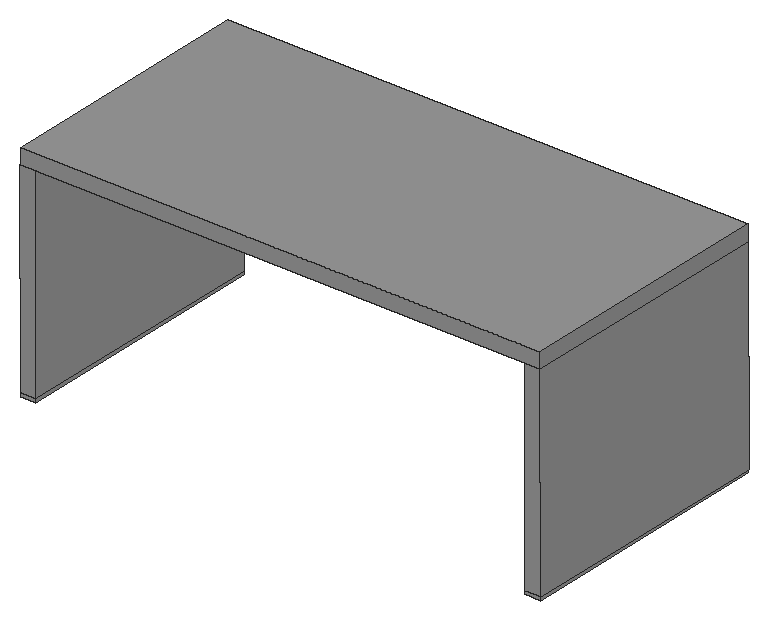
Revit family "Cocoon Community Table 42x84x36", category Generic Models, Revit 2018
Family settings
  Can host rebar = No
  Round Connector Dimension = Use Diameter
  Part Type = Normal
  Work Plane-Based = No
  Always vertical = Yes
  Cut with Voids When Loaded = No
  Shared = No
  Room Calculation Point = No
Parameters
  Frame = Cocoon Community Table 42x84x36 Frame
  Surface = Cocoon Community Table 42x84x36 Surface
Reference planes (in)
  plane 1 "Center (Front/Back)": y = 0
  plane 2: z = 0
  plane 3 "Center (Left/Right)": x = 0
Forms (in)
  Extrusion 1, solid, material "Cocoon Community Table 42x84x36 Frame" <- "Frame"
    sketch origin (0, 0, 0) x (1, 0, 0) y (0, 0, 1)
      loop
        line (-42, 0.5) -> (-42, 0) -> (-39.5, 0) -> (-39.5, 0.5) -> (-42, 0.5)
      loop
        line (42, 0.5) -> (39.5, 0.5) -> (39.5, 0) -> (42, 0) -> (42, 0.5)
    from -21 to 21
  Extrusion 2, solid, material "Cocoon Community Table 42x84x36 Surface" <- "Surface"
    sketch origin (0, 0, 7) x (1, 0, 0) y (0, 0, 1)
      loop
        line (-42, 29) -> (-42, 26.5) -> (42, 26.5) -> (42, 29) -> (-42, 29)
    from -21 to 21
  Extrusion 3, solid, material "Cocoon Community Table 42x84x36 Frame" <- "Frame"
    sketch origin (0, 0, 0) x (1, 0, 0) y (0, 0, 1)
      loop
        line (-42, 33.5) -> (-42, 0.5) -> (-39.5, 0.5) -> (-39.5, 33.5) -> (-42, 33.5)
      loop
        line (39.5, 33.5) -> (39.5, 0.5) -> (42, 0.5) -> (42, 33.5) -> (39.5, 33.5)
    from -21 to 21
  Extrusion 4, solid, material "Cocoon Community Table 42x84x36 Frame" <- "Frame"
    sketch origin (0, -90.74848, -14.58144) x (0, 1, 0) y (0, 0, 1)
      loop
        line (91.99848, 48.08144) -> (89.49848, 48.08144) -> (89.49848, 36.08144) -> (91.99848, 36.08144) -> (91.99848, 48.08144)
    from -39.5 to 39.5
Dimensions and locks (in)
  aligned and locked: plane 2 to level
